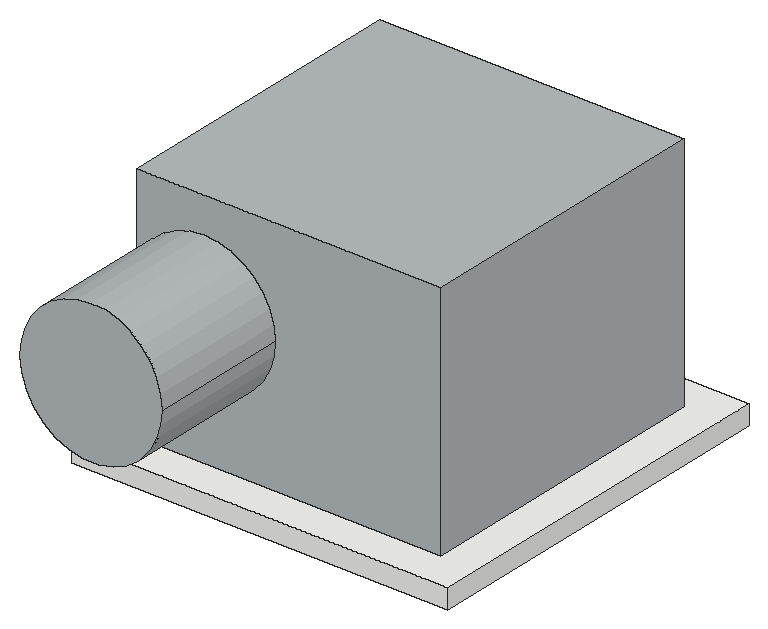
Revit family "vd-15_20zx(k)(p)14-c_60Hz", category 機械設備, Revit 2019
Family settings
  丸型コネクタ寸法 = 直径を使用
  パーツ タイプ = 標準
  OmniClass 番号 = 23.75.35.17.27
  OmniClass タイトル = Centrifugal Fans
  作業面ベース = いいえ
  常に垂直 = はい
  ロード時にボイドで切り取り = いいえ
  共有 = いいえ
  部屋計算ポイント = はい
Parameters (values of type "VD-20ZXP14-C")
  騒音レベル(dB(A)) [instance] = 41.5
  風量 [instance] = 500.0 m³/h
  電源種別 [instance] = ""
  電圧 = 100 V
  電動機出力 = 0 W
  電動機_種別 [instance] = ""
  運転質量 = 0.00 kg
  連動 [instance] = ""
  質量 = if(製品質量 > 運転質量, 製品質量, 運転質量) * 1.2  # 6.60 kg
  負荷分類 = 3_ファン類
  説明 = "ダクト用換気扇 低騒音形 インテリア格子タイプ"
  設計風量 [instance] = 0.0 m³/h
  設置方法 = "天埋"
  記号 [instance] = ""
  製造元 = "三菱電機株式会社"
  製品質量 = 5.50 kg
  製品出荷対象 = "国内"
  製品リリース年月 = "2024年6月3日"
  製品グループ = ""
  系統 [instance] = ""
  符号 [instance] = if(☑給気／□排気, "FS", "FE")  # "FE"
  積算_科目 = "2 換気設備"
  積算_拾い区分 [instance] = ""
  相 = 1
  盤記号 [instance] = ""
  発停方法 [instance] = ""
  特殊仕様 [instance] = ""
  火災停止 [instance] = ""
  消費電力 = 64.5 W
  法定耐用年数 = "15"
  機外静圧 [instance] = 0.0 Pa
  極数 = 2
  材質 [instance] = ""
  操作・制御方式 = ""
  操作・制御スイッチ = ""
  排気量 [instance] = if(☑給気／□排気, 0.0 m³/h, 設計風量)  # 0.0 m³/h
  形式 = "天井埋込ダクト形"
  幹線記号 [instance] = ""
  対象室 [instance] = ""
  実風量 [instance] = 0.0 m³/h
  始動方式 [instance] = "直入"
  外気量 [instance] = if(☑給気／□排気, 設計風量, 0.0 m³/h)  # 0.0 m³/h
  呼称 = "天井扇"
  周波数 = 60 Hz
  参照している仕様書等のバージョン = ""
  分類コード = "50052503100030"
  分類グループ = ""
  価格 = 57400
  企業コード = "108420"
  付属品_防振装置 = ""
  付属品 [instance] = ""
  仕様書バージョン = "Version1.0"
  モデル = "VD-20ZXP14-C"
  マテリアル = 鋼板
  ファンの種類 = ""
  ダクト径 = 150 mm
  コメント [instance] = ""
  Keynote = ""
  カバーマテリアル = 合成樹脂(白)
  ☑給気／□排気 [instance] = no
  Width = 307 mm
  W1 = 380 mm
  Version = ""
  Uniclass2015Version = "Systems v1.9"
  Uniclass2015Title = "Centrifugal fans"
  Uniclass2015Code = "Pr_65_67_29_12"
  URL = "https://www.mitsubishielectric.co.jp/ldg/wink/qr/002/333535/"
  SpecificationReference = ""
  SpecificationDescription = ""
  Revision = ""
  ProductInformation = ""
  OmniClassCode = "23-33 31 19 11 15"
  MIN風量 = 380.0 m³/h
  MIN静圧 = 0.0 Pa
  MID風量 = 0.0 m³/h
  MID静圧 = 0.0 Pa
  MAX風量 = 500.0 m³/h
  MAX静圧 = 0.0 Pa
  IfcTypeProduct = ""
  IfcProduct = ""
  IfcExportType = "PROPELLORAXIAL"
  IfcExportAs = "IfcFanType"
  Height = 243 mm
  H1 = 20 mm
  EAサイズ_D = 144 mm
  Duct_Height = 135 mm
  Duct_Depth = 142 mm
  Duct_Center = 86 mm
  Depth = 307 mm
  D1 = 380 mm
  Author = "三菱電機株式会社"
Types (7, lengths in mm): name | 騒音レベル(dB(A)) | 風量 | 質量 | 製品質量 | 消費電力 | 価格 | モデル | ダクト径 | Width | W1 | URL | MIN風量 | MAX風量 | Height | H1 | EAサイズ_D | Duct_Height | Duct_Depth | Duct_Center | Depth | D1
  VD-15ZX14-C | 27.5 | 155.0 m³/h | 4.20 kg | 3.50 kg | 14 W | 27600 | "VD-15ZX14-C" | 100 | 251 | 335 | "https://www.mitsubishielectric.co.jp/ldg/wink/qr/002/333635/" | 0.0 m³/h | 155.0 m³/h | 204 | 19 | 98 | 111 | 114 | 0 | 251 | 335
  VD-15ZXP14-C | 34.5 | 210.0 m³/h | 4.20 kg | 3.50 kg | 22.5 W | 33000 | "VD-15ZXP14-C" | 100 | 251 | 335 | "https://www.mitsubishielectric.co.jp/ldg/wink/qr/002/333637/" | 0.0 m³/h | 210.0 m³/h | 204 | 19 | 98 | 111 | 114 | 0 | 251 | 335
  VD-18ZX14-C | 29.5 | 300.0 m³/h | 5.52 kg | 4.60 kg | 28.5 W | 39800 | "VD-18ZX14-C" | 150 | 270 | 335 | "https://www.mitsubishielectric.co.jp/ldg/wink/qr/002/333664/" | 0.0 m³/h | 300.0 m³/h | 243 | 19 | 144 | 135 | 142 | 67 | 270 | 335
  VD-18ZXP14-C | 33 | 350.0 m³/h | 6.24 kg | 5.20 kg | 40 W | 42900 | "VD-18ZXP14-C" | 150 | 307 | 380 | "https://www.mitsubishielectric.co.jp/ldg/wink/qr/002/333666/" | 0.0 m³/h | 350.0 m³/h | 243 | 20 | 144 | 135 | 142 | 86 | 307 | 380
  VD-20ZX14-C | 35.5 | 400.0 m³/h | 6.24 kg | 5.20 kg | 48 W | 50500 | "VD-20ZX14-C" | 150 | 307 | 380 | "https://www.mitsubishielectric.co.jp/ldg/wink/qr/002/333532/" | 0.0 m³/h | 400.0 m³/h | 243 | 20 | 144 | 135 | 142 | 86 | 307 | 380
  VD-20ZXK14-C | 35.5 | 400.0 m³/h | 6.36 kg | 5.30 kg | 48 W | 55600 | "VD-20ZXK14-C" | 150 | 307 | 380 | "https://www.mitsubishielectric.co.jp/ldg/wink/qr/002/333534/" | 280.0 m³/h | 400.0 m³/h | 243 | 20 | 144 | 135 | 142 | 86 | 307 | 380
  VD-20ZXP14-C | 41.5 | 500.0 m³/h | 6.60 kg | 5.50 kg | 64.5 W | 57400 | "VD-20ZXP14-C" | 150 | 307 | 380 | "https://www.mitsubishielectric.co.jp/ldg/wink/qr/002/333535/" | 380.0 m³/h | 500.0 m³/h | 243 | 20 | 144 | 135 | 142 | 86 | 307 | 380
Reference planes
  plane 1 "中心(正面/背面)": y = 0
  plane 2: z = 0
  plane 3 "中心(左/右)": x = 0
  plane 4: x = -190
  plane 5: x = 190
  plane 6: y = 190
  plane 7: y = -190
  plane 8: x = -153.5
  plane 9: x = 153.5
  plane 10: y = 153.5
  plane 11: y = -153.5
  plane 12: y = -295.5
  plane 13: z = 243
  plane 14: z = -20
  plane 15: z = 135
  plane 16: x = -86
Forms (mm)
  Extrusion 1, solid, material "鋼板" <- "マテリアル", detail levels fine
    sketch origin (0, 0, 0) x (1, 0, 0) y (0, 1, 0)
      loop
        line (-153.5, 153.5) -> (-153.5, -153.5) -> (153.5, -153.5) -> (153.5, 153.5) -> (-153.5, 153.5)
    from 0 to 243
  Extrusion 2, solid, material "合成樹脂(白)" <- "カバーマテリアル", detail levels fine
    sketch origin (0, 0, 0) x (1, 0, 0) y (0, 1, 0)
      loop
        line (-190, 190) -> (-190, -190) -> (190, -190) -> (190, 190) -> (-190, 190)
    from 0 to -20
  Extrusion 3, solid, material "鋼板" <- "マテリアル", detail levels fine
    sketch origin (0, 0, 0) x (1, 0, 0) y (0, 0, 1)
      loop
        circle (-86, 135) r 72
    from 153.5 to 295.5
Dimensions and locks
  equal spacing: plane 4, plane 3 "中心(左/右)", plane 5
  "W1": plane 4 to plane 5
  equal spacing: plane 6, plane 1 "中心(正面/背面)", plane 7
  "D1": plane 6 to plane 7
  equal spacing: plane 8, plane 3 "中心(左/右)", plane 9
  "Width": plane 8 to plane 9
  equal spacing: plane 10, plane 1 "中心(正面/背面)", plane 11
  "Depth": plane 10 to plane 11
  "Duct_Depth": plane 11 to plane 12
  "Height": plane 13 to plane 2
  "Duct_Height": plane 15 to plane 2
  "H1": plane 2 to plane 14
  "Duct_Center": plane 3 "中心(左/右)" to plane 16
  "EAサイズ_D": diameter of Extrusion 3 sketch curve
  aligned and locked: level to plane 2
  aligned and locked: plane 5 to Extrusion 2
  aligned and locked: plane 6 to Extrusion 2
  aligned and locked: Extrusion 2 to plane 4
  aligned and locked: Extrusion 2 to plane 7
  aligned and locked: plane 9 to Extrusion 1
  aligned and locked: Extrusion 1 to plane 11
  aligned and locked: Extrusion 1 to plane 8
  aligned and locked: plane 10 to Extrusion 1
  aligned and locked: plane 13 to Extrusion 1
  aligned and locked: Extrusion 2 to plane 14
  aligned and locked: level to Extrusion 2
  aligned and locked: Extrusion 1 to level
  aligned and locked: Extrusion 3 to plane 12
  aligned and locked: plane 11 to Extrusion 3
Automatic sketch dimensions
  Extrusion 1 sketch curve to plane 3 "中心(左/右)" = 153.5 mm
  plane 3 "中心(左/右)" to Extrusion 1 sketch curve = 153.5 mm
  Extrusion 2 sketch curve to plane 3 "中心(左/右)" = 190 mm
  plane 3 "中心(左/右)" to Extrusion 2 sketch curve = 190 mm
  plane 1 "中心(正面/背面)" to Extrusion 1 sketch curve = 153.5 mm
  Extrusion 1 sketch curve to plane 1 "中心(正面/背面)" = 153.5 mm
  plane 1 "中心(正面/背面)" to Extrusion 2 sketch curve = 190 mm
  Extrusion 2 sketch curve to plane 1 "中心(正面/背面)" = 190 mm
  Extrusion 3 sketch curve to plane 15 = 0 mm
  Extrusion 3 sketch curve to plane 16 = 0 mm
Nested families
  nested 1: "記号_天井換気扇_平面" at (0, 0, 0), type "記号_天井換気扇_平面", detail levels coarse+medium
Connectors
  hvac at (-86, -295.5, 135), driven by "ダクト径", driven by "風量", driven by "機外静圧"
    settings: on Extrusion 3, index 1, duct flow 500.0 m³/h, flow factor 0, pres drop 0.0 Pa, loss coef 0, conn angle 0.00°, conn width 304.8 mm, conn height 304.8 mm, conn diameter 150 mm, duct sys type 3, conn prof type 0, flow config 0, flow direction 2, loss method 4, conn ref index -1, conn util no, is conn primary yes, conn desc ""
  electrical at (0, 0, 243), driven by "極数", driven by "負荷分類", driven by "電圧", driven by "消費電力"
    settings: on Extrusion 1, index 2, voltage 100 V, apparent load 64.5 VA, apparent load phase1 0 VA, apparent load phase2 0 VA, apparent load phase3 0 VA, power factor 1, load classification "3_ファン類", number of poles 2, system type 30, power factor state 1, is connector primary yes, connector utility no, sub classification motor no, connector description ""
Definition of nested family "記号_天井換気扇_平面"
  Reference planes
    plane 1: y = 0
    plane 2: x = 0
  Lines and regions (mm)
    detail lines
      curve 1: line (-2.5, 2.5, 0) -> (2.5, 2.5, 0)
      curve 2: line (-2.5, -2.5, 0) -> (-2.5, 2.5, 0)
      curve 3: line (2.5, -2.5, 0) -> (-2.5, -2.5, 0)
      curve 4: line (2.5, 2.5, 0) -> (2.5, -2.5, 0)
      curve 5: circle (-1.04, -1.04, 0) r 1.46 normal (0, 0, 1)
      curve 6: circle (1.04, 1.04, 0) r 1.46 normal (0, 0, 1)
      curve 7: line (-3.125, 3.125, 0) -> (3.125, 3.125, 0)
      curve 8: line (-3.125, -3.125, 0) -> (-3.125, 3.125, 0)
      curve 9: line (3.125, -3.125, 0) -> (-3.125, -3.125, 0)
      curve 10: line (3.125, 3.125, 0) -> (3.125, -3.125, 0)
      curve 11: circle (1.295, 1.295, 0) r 1.83 normal (0, 0, 1)
      curve 12: circle (-1.295, -1.295, 0) r 1.83 normal (0, 0, 1)
      curve 13: line (-2, 2, 0) -> (2, 2, 0)
      curve 14: line (-2, -2, 0) -> (-2, 2, 0)
      curve 15: line (2, -2, 0) -> (-2, -2, 0)
      curve 16: line (2, 2, 0) -> (2, -2, 0)
      curve 17: circle (0.84, 0.84, 0) r 1.16 normal (0, 0, 1)
      curve 18: circle (-0.84, -0.84, 0) r 1.2 normal (0, 0, 1)
